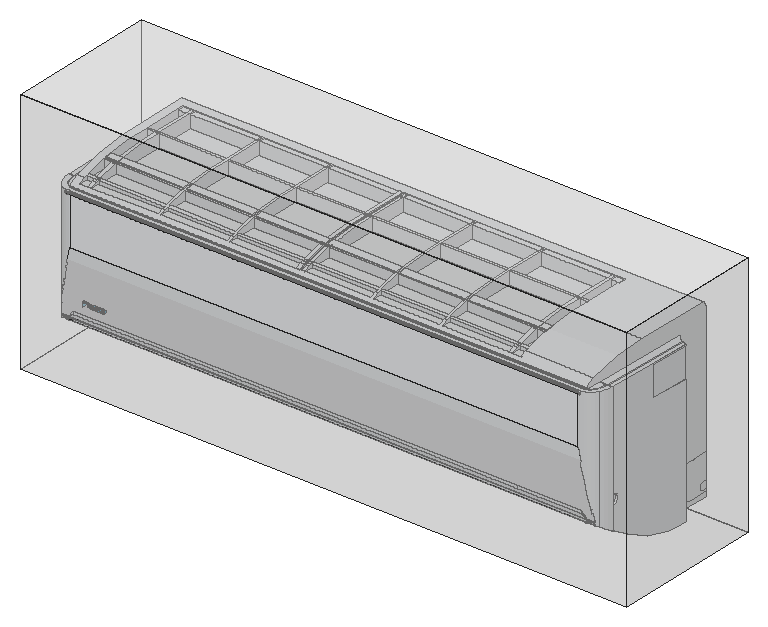
Revit family "outputfile", category 機械設備, Revit 2024
Family settings
  丸型コネクタ寸法 = 半径を使用
  パーツ タイプ = 標準
  OmniClass 番号 = 23.75.10.24.21.27.27
  OmniClass タイトル = Split System Air Conditioning Units
  作業面ベース = いいえ
  常に垂直 = はい
  ロード時にボイドで切り取り = いいえ
  注釈の向きを維持 = いいえ
  共有 = いいえ
  部屋計算ポイント = いいえ
Parameters (values of type "FXAQ63ARVM")
  書き出し IFC クラス(タイプ) = "IfcUnitaryEquipmentType"
  定義済み IFC タイプ(タイプ) = "AIRCONDITIONINGUNIT"
  switch_frequency = yes
  lh_powersupply = 55.0 mm  # constant formula
  製造元 = "Daikin"
  モデル = "FXAQ63ARVM"
  lh_drainpipe = 35.0 mm  # constant formula
  lh_liquidpipe = 40.0 mm  # constant formula
  lh_gaspipe = 20.0 mm  # constant formula
  r_Liquid Pipe Size = Liquid Pipe Size / 2  # 4.75 mm
  r_Gas Pipe Size = Gas Pipe Size / 2  # 7.95 mm
  r_Drain Pipe Size = Drain Pipe Size / 2  # 9.0 mm
  lw_powersupply [instance] = if(or(Left Connection_refrigerant, Right Connection_refrigerant), 464.5 mm, if(or(Bottom Left Connection_refrigerant, Rear Left Connection_refrigerant), 843.0 mm, 58.0 mm))  # 464.5 mm
  lw_liquidpipe [instance] = if(or(Left Connection_refrigerant, Right Connection_refrigerant), 490.0 mm, if(or(Bottom Left Connection_refrigerant, Rear Left Connection_refrigerant), 843.0 mm, 58.0 mm))  # 490.0 mm
  lw_gaspipe [instance] = if(or(Left Connection_refrigerant, Right Connection_refrigerant), 440.0 mm, if(or(Bottom Left Connection_refrigerant, Rear Left Connection_refrigerant), 858.0 mm, 73.0 mm))  # 440.0 mm
  lw_drainpipe [instance] = if(or(Left Connection_refrigerant, Right Connection_refrigerant), 570.0 mm, if(or(Bottom Left Connection_refrigerant, Rear Left Connection_refrigerant), 873.0 mm, 88.0 mm))  # 570.0 mm
  l_powersupply_length [instance] = if(Right Connection_refrigerant, 442.2 mm, if(Left Connection_refrigerant, 442.2 mm, if(or(Rear Left Connection_refrigerant, Rear Right Connection_refrigerant), 15.0 mm, 55.0 mm)))  # 442.2 mm
  l_liquidpipe_length [instance] = if(Left Connection_refrigerant, 416.4 mm, if(Right Connection_refrigerant, 467.4 mm, if(or(Bottom Left Connection_refrigerant, Bottom Right Connection_refrigerant), 40.0 mm, 35.0 mm)))  # 467.4 mm
  l_gaspipe_length [instance] = if(Left Connection_refrigerant, 466.4 mm, if(Right Connection_refrigerant, 417.4 mm, if(or(Bottom Left Connection_refrigerant, Bottom Right Connection_refrigerant), 20.0 mm, 35.0 mm)))  # 417.4 mm
  l_drainpipe_length [instance] = if(Left Connection_refrigerant, 336.7 mm, if(Right Connection_refrigerant, 547.7 mm, if(or(Bottom Left Connection_refrigerant, Bottom Right Connection_refrigerant), 30.0 mm, 15.0 mm)))  # 547.7 mm
  h*** = 0.0 mm  # constant formula
  connector_voltage = Voltage_50Hz  # 220 V
  connector_powerinput = if([Power Input (Cooling)] > [Power Input (Heating)], [Power Input (Cooling)], [Power Input (Heating)])  # 0.065 kW
  connector_phase = Phase_50Hz  # 1
  angle_vertical [instance] = if(or(Bottom Left Connection_refrigerant, Bottom Right Connection_refrigerant), 0.00°, 90.00°)  # 90.00°
  angle_horizontal [instance] = if(Right Connection_refrigerant, 90.00°, if(Left Connection_refrigerant, -90.00°, if(or(Rear Left Connection_refrigerant, Rear Right Connection_refrigerant), 180.00°, 0.00°)))  # 90.00°
  Width = 929.0 mm
  Voltage_comment_60Hz = "220-240"
  Voltage_comment_50Hz = "220-240"
  Voltage_60Hz = 220 V
  Voltage_50Hz = 220 V
  Version = "ver.1.0"
  Unit Type = "Wall Mounted"
  Unit Mass Weight = 13.00 kg
  Unit Designation [instance] = ""
  Uniclass2015Version = "Products v1.30"
  Uniclass2015Title = "Variable refrigerant flow units"
  Uniclass2015Code = "Pr_70_65_03_94"
  Total Heating Capacity [instance] = 0.000 kW
  Total Cooling Capacity [instance] = 0.000 kW
  Sound Pressure Level_L speed (dBA) = 41
  Sound Pressure Level_H speed (dBA) = 47
  Sound Power Level_H speed (dB) = 0
  Series = "VRV Fan Coil Unit"
  Sensible Cooling Capacity [instance] = 0.000 kW
  Refrigerant Type = "R410A"
  Power Input (Heating) = 0.065 kW
  Power Input (Cooling) = 0.056 kW
  Phase_60Hz = 1
  Phase_50Hz = 1
  Option Accessory 3 [instance] = ""
  Option Accessory 2 [instance] = ""
  Option Accessory 1 [instance] = ""
  Nominal Heating Capacity = 8.000 kW
  Nominal Cooling Capacity = 7.100 kW
  Minimum Circuit Amps_60Hz = 0.7 A
  Minimum Circuit Amps_50Hz = 0.7 A
  Minimum Airflow = 840.00 m³/h
  Maximum Fuse Amps_60Hz = 15.0 A
  Maximum Fuse Amps_50Hz = 15.0 A
  Maximum Airflow = 1140.00 m³/h
  Material_Casing = DAIKIN_FreshWhite_Casing_indoorunit
  Load Classification = HVAC
  Liquid Pipe Size = 9.5 mm
  Link_Nested Family [instance] = ""
  IfcVersion = ""
  IfcExportType = "AIRCONDITIONINGUNIT"
  IfcExportAs = "IfcUnitaryEquipmentType"
  Height = 298.0 mm
  Heating Entering Wet Bulb Temperature [instance] = 0.00 °C
  Heating Entering Dry Bulb Temperature [instance] = 0.00 °C
  Heating Ambient Wet Bulb Temperature [instance] = 0.00 °C
  Heating Ambient Dry Bulb Temperature [instance] = 0.00 °C
  Heat Exchanger Type = "Cross Fin Coil"
  Gas Pipe Size = 15.9 mm
  Frequency_60Hz = 60 Hz
  Frequency_50Hz = 50 Hz
  Fan Type = "Cross Flow Fan"
  Fan Drive = "Direct Drive"
  FCU Tag No. [instance] = ""
  Drain Pipe Size = 18.0 mm
  Design Supply Airflow [instance] = 0.00 m³/h
  Depth = 258.0 mm
  既定の高さ = 0.0 mm
  Cooling Entering Wet Bulb Temperature [instance] = 0.00 °C
  Cooling Entering Dry Bulb Temperature [instance] = 0.00 °C
  Cooling Ambient Wet Bulb Temperature [instance] = 0.00 °C
  Cooling Ambient Dry Bulb Temperature [instance] = 0.00 °C
  Clearance visibility [instance] = yes
  Clearance Top = 90.0 mm
  Clearance Right = 50.0 mm
  Clearance Rear = 0.0 mm
  Clearance Left = 50.0 mm
  Clearance Front = 0.0 mm
  Clearance Bottom = 30.0 mm
  Bottom Right Connection_refrigerant [instance] = no
  Bottom Left Connection_refrigerant [instance] = no
  Rear Right Connection_refrigerant [instance] = no
  Rear Left Connection_refrigerant [instance] = no
  Right Connection_refrigerant [instance] = yes
  Left Connection_refrigerant [instance] = no
Reference planes
  plane 1 "Back": y = 0
  plane 2: z = 0
  plane 3 "Center (Left/Right)": x = 0
  plane 4 "Center (Front/Back)": y = -119
  plane 5: y = -238
  plane 6 "Left": x = -464.5
  plane 7 "Right": x = 464.5
  plane 8 "Top": z = 0
  plane 9: x = -514.5
  plane 10: x = 514.5
  plane 11: z = 90
  plane 12 "ld_drainpipe": y = -15
  plane 13: z = -284.5
  plane 14: z = -269.5
  plane 15: z = -251
  plane 16 "Clearance Bottom": z = -328
  plane 17: x = -105.5
  plane 18: x = -25.5
  plane 19: x = 24.5
  plane 20: x = 0
  plane 21 "Height": z = -298
  plane 22 "Front": y = -258
  plane 23: y = -35
  plane 24: y = -258
  plane 25: y = 0
Dimensions and locks
  equal spacing: plane 6 "Left", plane 3 "Center (Left/Right)", plane 7 "Right"
  "Width": plane 6 "Left" to plane 7 "Right"
  locked: plane 12 "ld_drainpipe" to plane 1 "Back" at 15
  "Clearance Left": plane 9 to plane 6 "Left"
  "Clearance Right": plane 7 "Right" to plane 10
  "Height": plane 8 "Top" to plane 21 "Height"
  "Depth": plane 22 "Front" to plane 1 "Back"
  locked: plane 23 to plane 1 "Back" at 35
  "lw_powersupply": plane 20 to plane 7 "Right"
  "lw_liquidpipe": plane 18 to plane 7 "Right"
  "lw_drainpipe": plane 17 to plane 7 "Right"
  "lw_gaspipe": plane 19 to plane 7 "Right"
  "Clearance Front": plane 22 "Front" to plane 24
  "Clearance Rear": plane 25 to plane 1 "Back"
  "Clearance Bottom": plane 21 "Height" to plane 16 "Clearance Bottom"
  "Clearance Top": plane 11 to plane 8 "Top"
  aligned and locked: level to plane 2
  aligned and locked: plane 9 to nested 1
  aligned and locked: plane 10 to nested 1
  aligned and locked: plane 11 to nested 1
  aligned and locked: nested 5 to plane 12 "ld_drainpipe"
  aligned and locked: level to plane 8 "Top"
  aligned and locked: plane 16 "Clearance Bottom" to nested 1
  aligned and locked: plane 17 to nested 4
  aligned and locked: plane 18 to nested 3
  aligned and locked: plane 19 to nested 2
  aligned and locked: plane 20 to nested 5
  aligned and locked: nested 2 to plane 23
  aligned and locked: nested 4 to plane 12 "ld_drainpipe"
  aligned and locked: nested 3 to plane 23
  aligned and locked: plane 24 to nested 1
  aligned and locked: nested 1 to plane 25
  aligned and locked: plane 1 "Back" to nested 6
  aligned and locked: plane 3 "Center (Left/Right)" to nested 6
Nested families
  nested 1: "daikin_clearancespace" at (0, -129, -118.881), show <- "Clearance visibility", visible <- "Clearance visibility", Link_Nested Family <- "Link_Nested Family", type "daikin_clearancespace"
    with width 1029.0 mm, show yes, height 418.0 mm, depth 258.0 mm, Link_Nested Family ""
  nested 2: "daikin_connector_rotate3" at (24.5, -35, -278), angle_vertical <- "angle_vertical", angle_horizontal <- "angle_horizontal", length <- "l_gaspipe_length", radius <- "r_Gas Pipe Size", built-in parameter 1001364 <- "lh_gaspipe", type "daikin_connector_rotate3"
    with show no, radius 7.95 mm, length 417.4 mm, angle_vertical 90.00°, angle_horizontal 90.00°
  nested 3: "daikin_connector_rotate3" at (-25.5, -35, -258), angle_vertical <- "angle_vertical", angle_horizontal <- "angle_horizontal", radius <- "r_Liquid Pipe Size", length <- "l_liquidpipe_length", built-in parameter 1001364 <- "lh_liquidpipe", type "daikin_connector_rotate3"
    with show no, radius 4.75 mm, length 467.4 mm, angle_vertical 90.00°, angle_horizontal 90.00°
  nested 4: "daikin_connector_rotate3" at (-105.5, -15, -263), angle_vertical <- "angle_vertical", angle_horizontal <- "angle_horizontal", length <- "l_drainpipe_length", radius <- "r_Drain Pipe Size", built-in parameter 1001364 <- "lh_drainpipe", type "daikin_connector_rotate3"
    with show no, radius 9.0 mm, length 547.7 mm, angle_vertical 90.00°, angle_horizontal 90.00°
  nested 5: "daikin_connector_rotate3" at (0, -15, -243), angle_vertical <- "angle_vertical", angle_horizontal <- "angle_horizontal", length <- "l_powersupply_length", built-in parameter 1001364 <- "lh_powersupply", type "daikin_connector_rotate3"
    with show no, radius 10.0 mm, length 442.2 mm, angle_vertical 90.00°, angle_horizontal 90.00°
  nested 6: "FXAQ-ARVM" at (0, 0, 0), type "FXAQ-ARVM"
Connectors
  electrical at (442.2, -15, -243), driven by "Load Classification", driven by "connector_voltage", driven by "connector_powerinput", driven by "connector_phase"
    settings: on nested 5, index 1, voltage 220 V, apparent load 65 VA, apparent load phase1 0 VA, apparent load phase2 0 VA, apparent load phase3 0 VA, power factor 1, load classification "HVAC", number of poles 1, system type 30, power factor state 1, is connector primary yes, connector utility no, sub classification motor no, connector description "Power Supply"
  piping at (442.2, -15, -263), diameter 18, driven by "r_Drain Pipe Size"
    settings: on nested 4, index 2, connector inside diameter 609.6 mm, connector length 0.0 mm, flow factor 0, pipe flow 0.00 m³/h, pressure drop 0.0 Pa, fitting loss kfactor 0, connector angle 0.00°, fixture units 0, engagement length 0.0 mm, angle of deflection 0.00°, flow configuration 1, flow direction 2, fitting loss method 4, system type 16, joint type 0, gender type 0, connector reference index -1, connector utility 0, adjustable connector no, is connector primary yes, connector description "Condensate Drain Piping"
  piping at (441.9, -35, -278), diameter 15.9, driven by "r_Gas Pipe Size"
    settings: on nested 2, index 3, connector inside diameter 609.6 mm, connector length 0.0 mm, flow factor 0, pipe flow 0.00 m³/h, pressure drop 0.0 Pa, fitting loss kfactor 0, connector angle 0.00°, fixture units 0, engagement length 0.0 mm, angle of deflection 0.00°, flow configuration 1, flow direction 2, fitting loss method 0, system type 29, joint type 0, gender type 0, connector reference index -1, connector utility 0, adjustable connector no, is connector primary no, connector description "Refrigerant Gas Piping"
  piping at (441.9, -35, -258), diameter 9.5, driven by "r_Liquid Pipe Size"
    settings: on nested 3, index 4, connector inside diameter 609.6 mm, connector length 0.0 mm, flow factor 0, pipe flow 0.00 m³/h, pressure drop 0.0 Pa, fitting loss kfactor 0, connector angle 0.00°, fixture units 0, engagement length 0.0 mm, angle of deflection 0.00°, flow configuration 1, flow direction 1, fitting loss method 0, system type 29, joint type 0, gender type 0, connector reference index -1, connector utility 0, adjustable connector no, is connector primary no, connector description "Refrigerant Liquid Piping"
Definition of nested family "daikin_clearancespace"
  Parameters (values of type "daikin_clearancespace")
    Description = "daikin_clearancespace"
    width [instance] = 1823.963 mm
    show [instance] = yes
    material = none
    height [instance] = 1359.762 mm
    depth [instance] = 880.0 mm
    Default Elevation = 0.0 mm
    Link_Nested Family [instance] = ""
  Reference planes
    plane 1 "Center (Front/Back)": y = 0
    plane 2 "Center (Elevation)": z = -0.119
    plane 3 "Center (Left/Right)": x = 0
    plane 4: y = 440
    plane 5: y = -440
    plane 6 "Right": x = 911.982
    plane 7 "Left": x = -911.982
    plane 8 "Top": z = 679.762
    plane 9 "Bottom": z = -680
  Forms (mm)
    Extrusion 1, solid, material <- "material", visible <- "show"
      sketch origin (0, 0, 0) x (1, 0, 0) y (0, 1, 0)
        loop
          line (-911.982, 440) -> (-911.982, -440) -> (911.982, -440) -> (911.982, 440) -> (-911.982, 440)
      from -680 to 679.762
  Lines and regions (mm)
    symbolic lines, visible <- "show"
      curve 1: line (911.982, 440, 0) -> (-911.982, 440, 0)
      curve 2: line (-911.982, 440, 0) -> (-911.982, -440, 0)
      curve 3: line (-911.982, -440, 0) -> (911.982, -440, 0)
      curve 4: line (911.982, -440, 0) -> (911.982, 440, 0)
      curve 5: line (911.982, 0, 679.762) -> (-911.982, 0, 679.762)
      curve 6: line (911.982, 0, -680) -> (911.982, 0, 679.762)
      curve 7: line (-911.982, 0, -680) -> (911.982, 0, -680)
      curve 8: line (-911.982, 0, 679.762) -> (-911.982, 0, -680)
      curve 9: line (0, 440, 679.762) -> (0, -440, 679.762)
      curve 10: line (0, -440, 679.762) -> (0, -440, -680)
      curve 11: line (0, 440, -680) -> (0, 440, 679.762)
      curve 12: line (0, -440, -680) -> (0, 440, -680)
  Dimensions and locks
    "width": plane 7 "Left" to plane 6 "Right"
    "depth": plane 4 to plane 5
    "height": plane 8 "Top" to plane 9 "Bottom"
    equal spacing: plane 7 "Left", plane 3 "Center (Left/Right)", plane 6 "Right"
    equal spacing: plane 4, plane 1 "Center (Front/Back)", plane 5
    equal spacing: plane 8 "Top", plane 2 "Center (Elevation)", plane 9 "Bottom"
    aligned and locked: level to plane 2 "Center (Elevation)"
    aligned and locked: Extrusion 1 sketch curve to plane 4
    aligned and locked: plane 7 "Left" to Extrusion 1 sketch curve
    aligned and locked: Extrusion 1 sketch curve to plane 5
    aligned and locked: Extrusion 1 sketch curve to plane 6 "Right"
    aligned and locked: plane 8 "Top" to Extrusion 1
    aligned and locked: curve 1 to Extrusion 1
    aligned and locked: curve 2 to Extrusion 1
    aligned and locked: curve 3 to Extrusion 1
    aligned and locked: curve 4 to Extrusion 1
    aligned and locked: curve 5 to Extrusion 1
    aligned and locked: curve 6 to Extrusion 1
    aligned and locked: curve 7 to Extrusion 1
    aligned and locked: curve 8 to Extrusion 1
    aligned and locked: curve 9 to Extrusion 1
    aligned and locked: curve 10 to Extrusion 1
    aligned and locked: curve 11 to Extrusion 1
    aligned and locked: curve 12 to Extrusion 1
    aligned and locked: Extrusion 1 to plane 9 "Bottom"
Definition of nested family "FXAQ-ARVM"
  Parameters (values of type "FXAQ-ARVM")
    Width = 929.0 mm
    Material_Casing = none
    Default Elevation = 0.0 mm
  Reference planes
    plane 1 "Center (Front/Back)": y = 0
    plane 2 "reference_level": z = 0
    plane 3 "Center (Left/Right)": x = 0
  Forms (mm)
    Extrusion 1, solid, material <- "Material_Casing"
      sketch origin (37.5, 0, 0) x (1, 0, 0) y (0, 0, 1)
        loop
          circle (357, -249) r 40
        loop
          circle (-428, -250) r 40
      from 0 to 5
    Extrusion 2, solid, material <- "Material_Casing"
      sketch origin (-525, 1296.25, 1200) x (0, 1, 0) y (0, 0, 1)
        loop
          line (-1542.822, -1430.612) -> (-1517.25, -1446.105) -> (-1517.25, -1228.309)
          arc (-1517.25, -1228.309) -> (-1517.546, -1227.599) -> (-1518.259, -1227.309) r 1
          line (-1518.259, -1227.309) -> (-1553.177, -1227.614)
          arc (-1553.177, -1227.614) -> (-1553.593, -1227.787) -> (-1553.771, -1228.201) r 0.6
          line (-1553.771, -1228.201) -> (-1553.814, -1230.3) -> (-1552.816, -1230.309) -> (-1552.852, -1232.291) -> (-1554.25, -1232.303) -> (-1554.25, -1313.777)
          arc (-1554.25, -1313.777) -> (-1551.733, -1369.498) -> (-1544.203, -1424.766) r 618.013
          line (-1544.203, -1424.766) -> (-1543.119, -1425.138) -> (-1542.798, -1426.992) -> (-1543.814, -1426.992) -> (-1543.288, -1429.932)
          arc (-1543.288, -1429.932) -> (-1543.128, -1430.322) -> (-1542.822, -1430.612) r 1
      from 60.5 to 989.5
    Extrusion 3, void
      sketch origin (-525, 1296.25, 1200) x (0, 1, 0) y (0, 0, 1)
        loop
          arc (-1489.957, -1468.485) -> (-1468.343, -1480.342) -> (-1445.644, -1489.96) r 244.307
          arc (-1445.644, -1489.96) -> (-1423.667, -1496.837) -> (-1401.141, -1501.621) r 244.995
          arc (-1401.141, -1501.621) -> (-1397.468, -1502.156) -> (-1393.777, -1502.56) r 104.996
          line (-1393.777, -1502.56) -> (-1391.536, -1481.238)
          arc (-1391.536, -1481.238) -> (-1392.885, -1481.047) -> (-1394.231, -1480.837) r 94.996
          arc (-1394.231, -1480.837) -> (-1415.837, -1476.248) -> (-1436.917, -1469.651) r 234.995
          arc (-1436.917, -1469.651) -> (-1458.423, -1460.555) -> (-1478.917, -1449.363) r 234.307
          line (-1478.917, -1449.363) -> (-1489.957, -1468.485)
      from 129 to 821
    Extrusion 4, void
      sketch origin (-610.615, -1524, -240) x (-1, 0, 0) y (0, -1, 0)
        loop
          line (-317.415, -1501.5) -> (-184.115, -1501.5) -> (-184.115, -1427.5) -> (-317.415, -1427.5) -> (-317.415, -1501.5)
        loop
          line (-434.415, -1501.5) -> (-321.415, -1501.5) -> (-321.415, -1427.5) -> (-434.415, -1427.5) -> (-434.415, -1501.5)
        loop
          line (-557.415, -1501.5) -> (-438.415, -1501.5) -> (-438.415, -1427.5) -> (-557.415, -1427.5) -> (-557.415, -1501.5)
        loop
          line (-678.815, -1501.5) -> (-559.815, -1501.5) -> (-559.815, -1427.5) -> (-678.815, -1427.5) -> (-678.815, -1501.5)
        loop
          line (-795.815, -1501.5) -> (-682.815, -1501.5) -> (-682.815, -1427.5) -> (-795.815, -1427.5) -> (-795.815, -1501.5)
        loop
          line (-933.115, -1501.5) -> (-799.815, -1501.5) -> (-799.815, -1427.5) -> (-933.115, -1427.5) -> (-933.115, -1501.5)
        loop
          line (-317.415, -1423.5) -> (-184.115, -1423.5) -> (-184.115, -1336.5) -> (-317.415, -1336.5) -> (-317.415, -1423.5)
        loop
          line (-434.415, -1423.5) -> (-321.415, -1423.5) -> (-321.415, -1336.5) -> (-434.415, -1336.5) -> (-434.415, -1423.5)
        loop
          line (-557.415, -1423.5) -> (-438.415, -1423.5) -> (-438.415, -1336.5) -> (-557.415, -1336.5) -> (-557.415, -1423.5)
        loop
          line (-678.815, -1423.5) -> (-559.815, -1423.5) -> (-559.815, -1336.5) -> (-678.815, -1336.5) -> (-678.815, -1423.5)
        loop
          line (-795.815, -1423.5) -> (-682.815, -1423.5) -> (-682.815, -1336.5) -> (-795.815, -1336.5) -> (-795.815, -1423.5)
        loop
          line (-933.115, -1423.5) -> (-799.815, -1423.5) -> (-799.815, -1336.5) -> (-933.115, -1336.5) -> (-933.115, -1423.5)
        loop
          line (-317.415, -1332.5) -> (-184.115, -1332.5) -> (-184.115, -1300.5) -> (-317.415, -1300.5) -> (-317.415, -1332.5)
        loop
          line (-434.415, -1332.5) -> (-321.415, -1332.5) -> (-321.415, -1300.5) -> (-434.415, -1300.5) -> (-434.415, -1332.5)
        loop
          line (-557.415, -1332.5) -> (-438.415, -1332.5) -> (-438.415, -1300.5) -> (-557.415, -1300.5) -> (-557.415, -1332.5)
        loop
          line (-678.815, -1332.5) -> (-559.815, -1332.5) -> (-559.815, -1300.5) -> (-678.815, -1300.5) -> (-678.815, -1332.5)
        loop
          line (-795.815, -1332.5) -> (-682.815, -1332.5) -> (-682.815, -1300.5) -> (-795.815, -1300.5) -> (-795.815, -1332.5)
        loop
          line (-933.115, -1332.5) -> (-799.815, -1332.5) -> (-799.815, -1300.5) -> (-933.115, -1300.5) -> (-933.115, -1332.5)
        loop
          line (-317.415, -1296.5) -> (-184.115, -1296.5) -> (-184.115, -1273.985) -> (-317.415, -1273.985) -> (-317.415, -1296.5)
        loop
          line (-434.415, -1296.5) -> (-321.415, -1296.5) -> (-321.415, -1273.985) -> (-434.415, -1273.985) -> (-434.415, -1296.5)
        loop
          line (-557.415, -1296.5) -> (-438.415, -1296.5) -> (-438.415, -1273.985) -> (-557.415, -1273.985) -> (-557.415, -1296.5)
        loop
          line (-678.815, -1296.5) -> (-559.815, -1296.5) -> (-559.815, -1273.985) -> (-678.815, -1273.985) -> (-678.815, -1296.5)
        loop
          line (-795.815, -1296.5) -> (-682.815, -1296.5) -> (-682.815, -1273.985) -> (-795.815, -1273.985) -> (-795.815, -1296.5)
        loop
          line (-933.115, -1296.5) -> (-799.815, -1296.5) -> (-799.815, -1273.985) -> (-933.115, -1273.985) -> (-933.115, -1296.5)
      from 218.718 to 250
    Extrusion 5, solid, material <- "Material_Casing"
      sketch origin (31, 0, 0) x (0, 1, 0) y (0, 0, 1)
        loop
          arc (-133, 0) -> (-183.089, -4.257) -> (-231.74, -16.907) r 296.792
          arc (-231.74, -16.907) -> (-240.035, -20.716) -> (-247.498, -25.97) r 50
          line (-247.498, -25.97) -> (-247.498, -27.531) -> (-221, -27.3) -> (-221, -28.237) -> (-220, -28.237) -> (-220, -245.585)
          arc (-220, -245.585) -> (-219.743, -246.566) -> (-219.036, -247.295) r 2
          line (-219.036, -247.295) -> (-215.453, -249.466) -> (-189.599, -265.136)
          arc (-189.599, -265.136) -> (-169.128, -276.22) -> (-147.677, -285.263) r 239.307
          arc (-147.677, -285.263) -> (-126.149, -292) -> (-104.083, -296.687) r 239.995
          arc (-104.083, -296.687) -> (-96.033, -297.671) -> (-87.93, -298) r 99.996
          line (-87.93, -298) -> (0, -298) -> (0, -8.5) -> (-5, 0) -> (-133, 0)
      from -495.5 to 433.5
    Extrusion 6, void
      sketch origin (0, 0, 0) x (1, 0, 0) y (0, 1, 0)
        loop
          arc (-464.5, -69.996) -> (-451.865, -64.288) -> (-441.567, -55.003) r 45.003
          line (-441.567, -55.003) -> (-442.5, 0) -> (-464.5, 0) -> (-464.5, -69.996)
        loop
          line (464.5, -69.996) -> (464.5, 0) -> (442.5, 0) -> (441.567, -55.003)
          arc (441.567, -55.003) -> (451.865, -64.288) -> (464.5, -69.996) r 45.003
      from -350.147 to 42.558
    Extrusion 7, solid, material <- "Material_Casing"
      sketch origin (464.482, 1296.064, 1192) x (-0.016958, -0.999856, 0) y (0, 0, 1)
        loop
          line (1326.25, -1422) -> (1296.25, -1422) -> (1296.25, -1465) -> (1302.753, -1465)
          spline (1302.753, -1465) -> (1304.435, -1465.221) -> (1306.003, -1465.871) -> (1307.349, -1466.904) -> (1308.382, -1468.25) -> (1309.031, -1469.818) -> (1309.252, -1471.5) -> (1309.031, -1473.182) -> (1308.382, -1474.75) -> (1307.349, -1476.096) -> (1306.003, -1477.129) -> (1304.435, -1477.779) -> (1302.753, -1478)
          line (1302.753, -1478) -> (1296.25, -1478) -> (1296.25, -1482) -> (1326.25, -1482)
          arc (1326.25, -1482) -> (1340.393, -1476.142) -> (1346.25, -1462) r 20
          line (1346.25, -1462) -> (1346.25, -1442)
          arc (1346.25, -1442) -> (1340.393, -1427.858) -> (1326.25, -1422) r 20
      from 0 to 5
    Extrusion 8, solid, material <- "Material_Casing"
      sketch origin (-464.482, 1296.064, 1192) x (-0.016958, 0.999856, 0) y (0, 0, 1)
        loop
          line (-1296.25, -1422) -> (-1326.25, -1422)
          arc (-1326.25, -1422) -> (-1340.393, -1427.858) -> (-1346.25, -1442) r 20
          line (-1346.25, -1442) -> (-1346.25, -1462)
          arc (-1346.25, -1462) -> (-1340.393, -1476.142) -> (-1326.25, -1482) r 20
          line (-1326.25, -1482) -> (-1296.25, -1482) -> (-1296.25, -1478) -> (-1302.753, -1478)
          spline (-1302.753, -1478) -> (-1304.435, -1477.779) -> (-1306.003, -1477.129) -> (-1307.349, -1476.096) -> (-1308.382, -1474.75) -> (-1309.031, -1473.182) -> (-1309.252, -1471.5) -> (-1309.031, -1469.818) -> (-1308.382, -1468.25) -> (-1307.349, -1466.904) -> (-1306.003, -1465.871) -> (-1304.435, -1465.221) -> (-1302.753, -1465)
          line (-1302.753, -1465) -> (-1296.25, -1465) -> (-1296.25, -1422)
      from 0 to 5
    Extrusion 9, void
      sketch origin (0, 0, 0) x (1, 0, 0) y (0, 1, 0)
        loop
          arc (451.583, -220.532) -> (450.652, -229.688) -> (447.774, -238.43) r 42.574
          arc (447.774, -238.43) -> (440.881, -246.096) -> (430.995, -249.015) r 18.939
          line (430.995, -249.015) -> (322.5, -249.015) -> (-430.995, -249.015)
          arc (-430.995, -249.015) -> (-440.881, -246.096) -> (-447.774, -238.43) r 18.939
          arc (-447.774, -238.43) -> (-450.652, -229.688) -> (-451.583, -220.532) r 42.574
          line (-451.583, -220.532) -> (-455.638, -65.672)
          arc (-455.638, -65.672) -> (-456.13, -65.926) -> (-456.626, -66.174) r 45.003
          line (-456.626, -66.174) -> (-452.526, -222.254)
          arc (-452.526, -222.254) -> (-451.441, -230.753) -> (-448.676, -238.863) r 42.58
          arc (-448.676, -238.863) -> (-441.392, -246.902) -> (-431, -250.015) r 20.209
          line (-431, -250.015) -> (431, -250.015)
          arc (431, -250.015) -> (441.392, -246.902) -> (448.676, -238.863) r 20.209
          arc (448.676, -238.863) -> (451.441, -230.753) -> (452.539, -222.254) r 42.58
          line (452.539, -222.254) -> (456.626, -66.151)
          arc (456.626, -66.151) -> (456.131, -65.903) -> (455.639, -65.649) r 45.003
          line (455.639, -65.649) -> (451.583, -220.532)
      from -514.227 to 32.749
    Extrusion 10, void
      sketch origin (0, 0, 0) x (1, 0, 0) y (0, 1, 0)
        loop
          arc (-430.764, -258.014) -> (-445.174, -254.026) -> (-455.485, -243.197) r 28.031
          arc (-455.485, -243.197) -> (-459.127, -232.113) -> (-460.561, -220.535) r 60.175
          line (-460.561, -220.535) -> (-464.5, -69.996) -> (-499.5, -69.996) -> (-499.5, -354.996) -> (499.5, -354.996) -> (499.5, -69.996) -> (464.5, -69.996) -> (460.598, -220.541)
          arc (460.598, -220.541) -> (459.601, -231.543) -> (456.08, -242.014) r 47.329
          arc (456.08, -242.014) -> (445.774, -253.677) -> (430.826, -258.014) r 27.93
          line (430.826, -258.014) -> (-430.764, -258.014)
      from -1033.399 to 0
    Extrusion 11, void
      sketch origin (0, 0, 0) x (1, 0, 0) y (0, 1, 0)
        loop
          arc (-455.485, -243.197) -> (-459.291, -232.263) -> (-460.562, -220.754) r 51.556
          line (-460.562, -220.754) -> (-492.49, -141.73) -> (-492.49, -316.73) -> (492.49, -316.73) -> (492.49, -141.73) -> (460.599, -220.663)
          arc (460.599, -220.663) -> (459.482, -231.58) -> (456.08, -242.014) r 51.576
          arc (456.08, -242.014) -> (445.844, -253.621) -> (431, -258) r 27.939
          line (431, -258) -> (-431, -258)
          arc (-431, -258) -> (-445.281, -253.971) -> (-455.485, -243.197) r 27.939
      from -354.312 to 0
    Extrusion 12, void
      sketch origin (0, 0, 0) x (1, 0, 0) y (0, 1, 0)
        loop
          line (435.004, -431) -> (510.5, -431) -> (510.5, 78.522) -> (443.898, 78.522) -> (435.004, -431)
      from -28.941 to 250
    Extrusion 13, void
      sketch origin (0, 0, 0) x (1, 0, 0) y (0, 1, 0)
        loop
          line (-438.024, -258) -> (-442.527, 0) -> (-469.5, 0) -> (-469.5, -258) -> (-438.024, -258)
      from -27.788 to 250
    Extrusion 14, solid, material <- "Material_Casing"
      sketch origin (31, 0, 0) x (0, 1, 0) y (0, 0, 1)
        loop
          arc (-175.5, -3.059) -> (-181.51, -3.991) -> (-187.5, -5.047) r 296.792
          line (-187.5, -5.047) -> (-187.5, -28.237) -> (-175.5, -28.237) -> (-175.5, -3.059)
        loop
          line (-33.5, 0) -> (-33.5, -28.237) -> (-22.5, -28.237) -> (-22.5, 0) -> (-33.5, 0)
      from -457.5 to -324.2
    Extrusion 15, solid, material <- "Material_Casing"
      sketch origin (384, 0, 0) x (0, 1, 0) y (0, 0, 1)
        loop
          arc (-175.5, -3.059) -> (-181.51, -3.991) -> (-187.5, -5.047) r 296.792
          line (-187.5, -5.047) -> (-187.5, -28.237) -> (-175.5, -28.237) -> (-175.5, -3.059)
        loop
          line (-33.5, 0) -> (-33.5, -28.237) -> (-22.5, -28.237) -> (-22.5, 0) -> (-33.5, 0)
      from -556.2 to -437.2
    Extrusion 16, solid, material <- "Material_Casing"
      sketch origin (392.4, 0, 0) x (0, 1, 0) y (0, 0, 1)
        loop
          arc (-175.5, -3.059) -> (-181.51, -3.991) -> (-187.5, -5.047) r 296.792
          line (-187.5, -5.047) -> (-187.5, -28.237) -> (-175.5, -28.237) -> (-175.5, -3.059)
        loop
          line (-33.5, 0) -> (-33.5, -28.237) -> (-22.5, -28.237) -> (-22.5, 0) -> (-33.5, 0)
      from -443.2 to -324.2
    Extrusion 17, solid, material <- "Material_Casing"
      sketch origin (745.4, 0, 0) x (0, 1, 0) y (0, 0, 1)
        loop
          arc (-175.5, -3.059) -> (-181.51, -3.991) -> (-187.5, -5.047) r 296.792
          line (-187.5, -5.047) -> (-187.5, -28.237) -> (-175.5, -28.237) -> (-175.5, -3.059)
        loop
          line (-33.5, 0) -> (-33.5, -28.237) -> (-22.5, -28.237) -> (-22.5, 0) -> (-33.5, 0)
      from -556.2 to -422.9
    Extrusion 18, solid, material <- "Material_Casing"
      sketch origin (628.4, 0, 0) x (0, 1, 0) y (0, 0, 1)
        loop
          arc (-175.5, -3.059) -> (-181.51, -3.991) -> (-187.5, -5.047) r 296.792
          line (-187.5, -5.047) -> (-187.5, -28.237) -> (-175.5, -28.237) -> (-175.5, -3.059)
        loop
          line (-33.5, 0) -> (-33.5, -28.237) -> (-22.5, -28.237) -> (-22.5, 0) -> (-33.5, 0)
      from -556.2 to -443.2
    Extrusion 19, solid, material <- "Material_Casing"
      sketch origin (267, 0, 0) x (0, 1, 0) y (0, 0, 1)
        loop
          arc (-175.5, -3.059) -> (-181.51, -3.991) -> (-187.5, -5.047) r 296.792
          line (-187.5, -5.047) -> (-187.5, -28.237) -> (-175.5, -28.237) -> (-175.5, -3.059)
        loop
          line (-33.5, 0) -> (-33.5, -28.237) -> (-22.5, -28.237) -> (-22.5, 0) -> (-33.5, 0)
      from -556.2 to -443.2
    Extrusion 20, solid, material <- "Material_Casing"
      sketch origin (31, 0, 0) x (0, 1, 0) y (0, 0, 1)
        loop
          line (-22.5, 0) -> (-96.5, 0) -> (-96.5, -27.3) -> (-22.5, -27.3) -> (-22.5, 0)
        loop
          spline (-133.001, 0) -> (-137.568, -0.035) -> (-142.135, -0.141) -> (-146.699, -0.316) -> (-151.259, -0.562) -> (-155.816, -0.878) -> (-160.367, -1.264) -> (-164.912, -1.721) -> (-169.449, -2.247) -> (-173.977, -2.842) -> (-178.496, -3.508) -> (-183.004, -4.243) -> (-187.5, -5.047)
          line (-187.5, -5.047) -> (-187.5, -27.3) -> (-100.5, -27.3) -> (-100.5, 0) -> (-133.001, 0)
        loop
          line (-223.5, -14.134) -> (-223.5, -27.3) -> (-191.5, -27.3) -> (-191.5, -5.822)
          spline (-191.5, -5.822) -> (-194.2, -6.378) -> (-196.895, -6.959) -> (-199.584, -7.565) -> (-202.267, -8.196) -> (-204.945, -8.852) -> (-207.616, -9.532) -> (-210.281, -10.238) -> (-212.939, -10.968) -> (-215.59, -11.723) -> (-218.234, -12.502) -> (-220.871, -13.306) -> (-223.5, -14.134)
        loop
          spline (-227.5, -15.446) -> (-227.854, -15.565) -> (-228.208, -15.685) -> (-228.562, -15.805) -> (-228.916, -15.926) -> (-229.269, -16.047) -> (-229.623, -16.168) -> (-229.976, -16.29) -> (-230.329, -16.412) -> (-230.682, -16.535) -> (-231.035, -16.658) -> (-231.387, -16.782) -> (-231.74, -16.906)
          arc (-231.74, -16.906) -> (-236.479, -18.856) -> (-240.994, -21.282) r 50
          line (-240.994, -21.282) -> (-227.5, -21.282) -> (-227.5, -15.446)
      from -443.2 to -437.2
    Extrusion 21, solid, material <- "Material_Casing"
      sketch origin (384, 0, 0) x (0, 1, 0) y (0, 0, 1)
        loop
          line (-22.5, 0) -> (-96.5, 0) -> (-96.5, -27.3) -> (-22.5, -27.3) -> (-22.5, 0)
        loop
          spline (-133.001, 0) -> (-137.568, -0.035) -> (-142.135, -0.141) -> (-146.699, -0.316) -> (-151.259, -0.562) -> (-155.816, -0.878) -> (-160.367, -1.264) -> (-164.912, -1.721) -> (-169.449, -2.247) -> (-173.977, -2.842) -> (-178.496, -3.508) -> (-183.004, -4.243) -> (-187.5, -5.047)
          line (-187.5, -5.047) -> (-187.5, -27.3) -> (-100.5, -27.3) -> (-100.5, 0) -> (-133.001, 0)
        loop
          line (-223.5, -14.134) -> (-223.5, -27.3) -> (-191.5, -27.3) -> (-191.5, -5.822)
          spline (-191.5, -5.822) -> (-194.2, -6.378) -> (-196.895, -6.959) -> (-199.584, -7.565) -> (-202.267, -8.196) -> (-204.945, -8.852) -> (-207.616, -9.532) -> (-210.281, -10.238) -> (-212.939, -10.968) -> (-215.59, -11.723) -> (-218.234, -12.502) -> (-220.871, -13.306) -> (-223.5, -14.134)
        loop
          spline (-227.5, -15.446) -> (-227.854, -15.565) -> (-228.208, -15.685) -> (-228.562, -15.805) -> (-228.916, -15.926) -> (-229.269, -16.047) -> (-229.623, -16.168) -> (-229.976, -16.29) -> (-230.329, -16.412) -> (-230.682, -16.535) -> (-231.035, -16.658) -> (-231.387, -16.782) -> (-231.74, -16.906)
          arc (-231.74, -16.906) -> (-236.479, -18.856) -> (-240.994, -21.282) r 50
          line (-240.994, -21.282) -> (-227.5, -21.282) -> (-227.5, -15.446)
      from -443.2 to -437.2
    Extrusion 22, solid, material <- "Material_Casing"
      sketch origin (392.4, 0, 0) x (0, 1, 0) y (0, 0, 1)
        loop
          line (-22.5, 0) -> (-96.5, 0) -> (-96.5, -27.3) -> (-22.5, -27.3) -> (-22.5, 0)
        loop
          spline (-133.001, 0) -> (-137.568, -0.035) -> (-142.135, -0.141) -> (-146.699, -0.316) -> (-151.259, -0.562) -> (-155.816, -0.878) -> (-160.367, -1.264) -> (-164.912, -1.721) -> (-169.449, -2.247) -> (-173.977, -2.842) -> (-178.496, -3.508) -> (-183.004, -4.243) -> (-187.5, -5.047)
          line (-187.5, -5.047) -> (-187.5, -27.3) -> (-100.5, -27.3) -> (-100.5, 0) -> (-133.001, 0)
        loop
          line (-223.5, -14.134) -> (-223.5, -27.3) -> (-191.5, -27.3) -> (-191.5, -5.822)
          spline (-191.5, -5.822) -> (-194.2, -6.378) -> (-196.895, -6.959) -> (-199.584, -7.565) -> (-202.267, -8.196) -> (-204.945, -8.852) -> (-207.616, -9.532) -> (-210.281, -10.238) -> (-212.939, -10.968) -> (-215.59, -11.723) -> (-218.234, -12.502) -> (-220.871, -13.306) -> (-223.5, -14.134)
        loop
          spline (-227.5, -15.446) -> (-227.854, -15.565) -> (-228.208, -15.685) -> (-228.562, -15.805) -> (-228.916, -15.926) -> (-229.269, -16.047) -> (-229.623, -16.168) -> (-229.976, -16.29) -> (-230.329, -16.412) -> (-230.682, -16.535) -> (-231.035, -16.658) -> (-231.387, -16.782) -> (-231.74, -16.906)
          arc (-231.74, -16.906) -> (-236.479, -18.856) -> (-240.994, -21.282) r 50
          line (-240.994, -21.282) -> (-227.5, -21.282) -> (-227.5, -15.446)
      from -443.2 to -437.2
    Extrusion 23, solid, material <- "Material_Casing"
      sketch origin (745.4, 0, 0) x (0, 1, 0) y (0, 0, 1)
        loop
          line (-22.5, 0) -> (-96.5, 0) -> (-96.5, -27.3) -> (-22.5, -27.3) -> (-22.5, 0)
        loop
          spline (-133.001, 0) -> (-137.568, -0.035) -> (-142.135, -0.141) -> (-146.699, -0.316) -> (-151.259, -0.562) -> (-155.816, -0.878) -> (-160.367, -1.264) -> (-164.912, -1.721) -> (-169.449, -2.247) -> (-173.977, -2.842) -> (-178.496, -3.508) -> (-183.004, -4.243) -> (-187.5, -5.047)
          line (-187.5, -5.047) -> (-187.5, -27.3) -> (-100.5, -27.3) -> (-100.5, 0) -> (-133.001, 0)
        loop
          line (-223.5, -14.134) -> (-223.5, -27.3) -> (-191.5, -27.3) -> (-191.5, -5.822)
          spline (-191.5, -5.822) -> (-194.2, -6.378) -> (-196.895, -6.959) -> (-199.584, -7.565) -> (-202.267, -8.196) -> (-204.945, -8.852) -> (-207.616, -9.532) -> (-210.281, -10.238) -> (-212.939, -10.968) -> (-215.59, -11.723) -> (-218.234, -12.502) -> (-220.871, -13.306) -> (-223.5, -14.134)
        loop
          spline (-227.5, -15.446) -> (-227.854, -15.565) -> (-228.208, -15.685) -> (-228.562, -15.805) -> (-228.916, -15.926) -> (-229.269, -16.047) -> (-229.623, -16.168) -> (-229.976, -16.29) -> (-230.329, -16.412) -> (-230.682, -16.535) -> (-231.035, -16.658) -> (-231.387, -16.782) -> (-231.74, -16.906)
          arc (-231.74, -16.906) -> (-236.479, -18.856) -> (-240.994, -21.282) r 50
          line (-240.994, -21.282) -> (-227.5, -21.282) -> (-227.5, -15.446)
      from -443.2 to -437.2
    Extrusion 24, solid, material <- "Material_Casing"
      sketch origin (-525, 1301.456, 1185.983) x (0, 1, 0) y (0, 0, 1)
        loop
          line (-1490.365, -1448.375) -> (-1491.955, -1450.92)
          arc (-1491.955, -1450.92) -> (-1471.02, -1462.298) -> (-1449.069, -1471.566) r 242.307
          arc (-1449.069, -1471.566) -> (-1427.272, -1478.388) -> (-1404.93, -1483.133) r 242.995
          arc (-1404.93, -1483.133) -> (-1402.218, -1483.539) -> (-1399.497, -1483.874) r 102.996
          line (-1399.497, -1483.874) -> (-1399.183, -1480.89)
          arc (-1399.183, -1480.89) -> (-1401.819, -1480.566) -> (-1404.446, -1480.172) r 99.996
          arc (-1404.446, -1480.172) -> (-1426.511, -1475.486) -> (-1448.04, -1468.748) r 239.995
          arc (-1448.04, -1468.748) -> (-1469.704, -1459.603) -> (-1490.365, -1448.375) r 239.307
      from 135 to 817
    Extrusion 25, solid, material <- "Material_Casing"
      sketch origin (-525, 1301.456, 1185.983) x (0, 1, 0) y (0, 0, 1)
        loop
          line (-1490.365, -1448.375) -> (-1491.955, -1450.92)
          arc (-1491.955, -1450.92) -> (-1471.02, -1462.298) -> (-1449.069, -1471.566) r 242.307
          arc (-1449.069, -1471.566) -> (-1427.272, -1478.388) -> (-1404.93, -1483.133) r 242.995
          arc (-1404.93, -1483.133) -> (-1402.218, -1483.539) -> (-1399.497, -1483.874) r 102.996
          line (-1399.497, -1483.874) -> (-1399.183, -1480.89)
          arc (-1399.183, -1480.89) -> (-1401.819, -1480.566) -> (-1404.446, -1480.172) r 99.996
          arc (-1404.446, -1480.172) -> (-1426.511, -1475.486) -> (-1448.04, -1468.748) r 239.995
          arc (-1448.04, -1468.748) -> (-1469.704, -1459.603) -> (-1490.365, -1448.375) r 239.307
      from 129 to 133
    Extrusion 26, solid, material <- "Material_Casing"
      sketch origin (163, 1301.456, 1185.983) x (0, 1, 0) y (0, 0, 1)
        loop
          line (-1490.365, -1448.375) -> (-1491.955, -1450.92)
          arc (-1491.955, -1450.92) -> (-1471.02, -1462.298) -> (-1449.069, -1471.566) r 242.307
          arc (-1449.069, -1471.566) -> (-1427.272, -1478.388) -> (-1404.93, -1483.133) r 242.995
          arc (-1404.93, -1483.133) -> (-1402.218, -1483.539) -> (-1399.497, -1483.874) r 102.996
          line (-1399.497, -1483.874) -> (-1399.183, -1480.89)
          arc (-1399.183, -1480.89) -> (-1401.819, -1480.566) -> (-1404.446, -1480.172) r 99.996
          arc (-1404.446, -1480.172) -> (-1426.511, -1475.486) -> (-1448.04, -1468.748) r 239.995
          arc (-1448.04, -1468.748) -> (-1469.704, -1459.603) -> (-1490.365, -1448.375) r 239.307
      from 129 to 133
    Extrusion 27, void
      sketch origin (0, 0, 0) x (1, 0, 0) y (0, 1, 0)
        loop
          line (-442.5, 0) -> (442.5, 0) -> (442.5, 1.095) -> (-442.5, 1.095) -> (-442.5, 0)
      from -298 to 0
    Extrusion 28, void
      sketch origin (31, 0, 0) x (0, 1, 0) y (0, 0, 1)
        loop
          arc (-220, -211.038) -> (-209.824, -200.843) -> (-220, -190.648) r 10.195
          line (-220, -190.648) -> (-220, -211.038)
      from 425 to 433.5
    Extrusion 29, void
      sketch origin (-31, 0, 0) x (0, 1, 0) y (0, 0, -1)
        loop
          line (-220, 211.038) -> (-220, 190.648)
          arc (-220, 190.648) -> (-209.824, 200.843) -> (-220, 211.038) r 10.195
      from 425 to 433.5
    Extrusion 30, void
      sketch origin (31, 0, 0) x (0, 1, 0) y (0, 0, 1)
        loop
          line (-136.859, -29.798) -> (-136.859, -81.374) -> (-67.205, -81.374) -> (-67.205, -29.798) -> (-136.859, -29.798)
      from 431.5 to 433.5
    Extrusion 31, void
      sketch origin (163, 1301.519, 1186.578) x (0, 1, 0) y (0, 0, 1)
        loop
          line (-1399.559, -1484.469) -> (-1399.455, -1483.475)
          arc (-1399.455, -1483.475) -> (-1402.503, -1483.119) -> (-1405.54, -1482.669) r 99.996
          arc (-1405.54, -1482.669) -> (-1427.605, -1477.983) -> (-1449.134, -1471.246) r 239.995
          arc (-1449.134, -1471.246) -> (-1470.858, -1462.071) -> (-1491.573, -1450.803) r 239.307
          line (-1491.573, -1450.803) -> (-1492.103, -1451.651)
          arc (-1492.103, -1451.651) -> (-1471.297, -1462.97) -> (-1449.477, -1472.185) r 240.307
          arc (-1449.477, -1472.185) -> (-1427.859, -1478.95) -> (-1405.701, -1483.656) r 240.995
          arc (-1405.701, -1483.656) -> (-1402.636, -1484.11) -> (-1399.559, -1484.469) r 100.996
      from 134 to 232
    Extrusion 32, solid, material <- "Material_Casing"
      sketch origin (-536.115, -1524, -248) x (-1, 0, 0) y (0, -1, 0)
        loop
          line (-115.615, -1524) -> (-115.615, -1494)
          arc (-115.615, -1494) -> (-121.473, -1479.858) -> (-135.615, -1474) r 20
          line (-135.615, -1474) -> (-155.615, -1474)
          arc (-155.615, -1474) -> (-169.757, -1479.858) -> (-175.615, -1494) r 20
          line (-175.615, -1494) -> (-175.615, -1524) -> (-115.615, -1524)
      from -45 to -50
    Extrusion 33, solid, material <- "Material_Casing"
      sketch origin (-4079.827, 1903.48, -248) x (-1, 0, 0) y (0, -1, 0)
        loop
          line (-4444.327, 1903.48) -> (-4444.327, 1933.48)
          arc (-4444.327, 1933.48) -> (-4450.185, 1947.622) -> (-4464.327, 1953.48) r 20
          line (-4464.327, 1953.48) -> (-4484.327, 1953.48)
          arc (-4484.327, 1953.48) -> (-4498.469, 1947.622) -> (-4504.327, 1933.48) r 20
          line (-4504.327, 1933.48) -> (-4504.327, 1903.48) -> (-4444.327, 1903.48)
      from -50 to -45
  Cuts and joins
    Extrusion 3, Extrusion 4, Extrusion 6, Extrusion 9, Extrusion 10, Extrusion 12, Extrusion 13, Extrusion 28, Extrusion 29, Extrusion 30, Extrusion 31 cuts Extrusion 5
    Extrusion 9, Extrusion 11 cuts Extrusion 2
    Extrusion 27 cuts Extrusion 7
    Extrusion 27 cuts Extrusion 8
  Dimensions and locks
    locked: Extrusion 7 sketch curve to Extrusion 7 sketch curve at 60
    locked: Extrusion 7 sketch curve to Extrusion 7 sketch curve at 50
    locked: Extrusion 1 sketch curve to cut or joined group 1 (Extrusion 3, Extrusion 4, Extrusion 5, Extrusion 6, Extrusion 9, Extrusion 10, Extrusion 12, Extrusion 13, Extrusion 28, Extrusion 29, Extrusion 30, Extrusion 31) at 48
    locked: Extrusion 1 sketch curve to cut or joined group 1 at 74
    locked: Extrusion 1 sketch curve to cut or joined group 1 at 70
    locked: Extrusion 1 sketch curve to cut or joined group 1 at 49
    aligned and locked: level to plane 2 "reference_level"
    aligned and locked: Extrusion 2 to Extrusion 5
    aligned and locked: level to Extrusion 11
    aligned and locked: Extrusion 27 sketch curve to cut or joined group 1
    aligned and locked: level to Extrusion 27
  Automatic sketch dimensions
    Extrusion 2 sketch curve to level = 32.303 mm
    plane 1 "Center (Front/Back)" to Extrusion 2 sketch curve = 258.0 mm
    Extrusion 2 sketch curve to level = 30.3 mm
    Extrusion 2 sketch curve to Extrusion 2 sketch curve = 0.437 mm
    Extrusion 2 sketch curve to level = 28.201 mm
    Extrusion 2 sketch curve to Extrusion 2 sketch curve = 0.042 mm
    Extrusion 2 sketch curve to level = 27.614 mm
    Extrusion 2 sketch curve to Extrusion 2 sketch curve = 0.595 mm
    Extrusion 2 sketch curve to level = 32.291 mm
    Extrusion 2 sketch curve to Extrusion 2 sketch curve = 1.399 mm
    Extrusion 2 sketch curve to level = 30.309 mm
    Extrusion 2 sketch curve to Extrusion 2 sketch curve = 0.997 mm
    Extrusion 2 sketch curve to level = 224.766 mm
    Extrusion 2 sketch curve to Extrusion 2 sketch curve = 10.048 mm
    Extrusion 2 sketch curve to Extrusion 2 sketch curve = 0.389 mm
    Extrusion 2 sketch curve to Extrusion 2 sketch curve = 0.526 mm
    Extrusion 2 sketch curve to Extrusion 2 sketch curve = 1.083 mm
    Extrusion 2 sketch curve to level = 230.612 mm
    Extrusion 2 sketch curve to Extrusion 2 sketch curve = 0.466 mm
    Extrusion 2 sketch curve to Extrusion 2 sketch curve = 1.016 mm
    Extrusion 2 sketch curve to Extrusion 2 sketch curve = 0.984 mm
    Extrusion 2 sketch curve to level = 27.309 mm
    Extrusion 2 sketch curve to Extrusion 2 sketch curve = 0.009 mm
    Extrusion 2 sketch curve to Extrusion 2 sketch curve = 25.571 mm
    Extrusion 2 sketch curve to level = 113.777 mm
    Extrusion 2 sketch curve to Extrusion 2 sketch curve = 15.494 mm
    Extrusion 2 sketch curve to Extrusion 2 sketch curve = 0.373 mm
    plane 1 "Center (Front/Back)" to Extrusion 3 sketch curve = 193.706 mm
    Extrusion 3 sketch curve to Extrusion 3 sketch curve = 11.04 mm
    plane 1 "Center (Front/Back)" to Extrusion 3 sketch curve = 97.527 mm
    Extrusion 3 sketch curve to Extrusion 3 sketch curve = 2.241 mm
    Extrusion 3 sketch curve to Extrusion 3 sketch curve = 7.356 mm
    Extrusion 3 sketch curve to Extrusion 3 sketch curve = 5.295 mm
    plane 1 "Center (Front/Back)" to Extrusion 3 sketch curve = 65.55 mm
    Extrusion 3 sketch curve to Extrusion 3 sketch curve = 0.236 mm  (x2)
    Extrusion 3 sketch curve to Extrusion 3 sketch curve = 5.059 mm
    Extrusion 3 sketch curve to level = 302.56 mm
    Extrusion 3 sketch curve to Extrusion 3 sketch curve = 21.322 mm
    Extrusion 3 sketch curve to Extrusion 3 sketch curve = 12.753 mm
    Extrusion 3 sketch curve to Extrusion 3 sketch curve = 19.122 mm
    Extrusion 3 sketch curve to Extrusion 3 sketch curve = 83.234 mm
    Extrusion 3 sketch curve to Extrusion 3 sketch curve = 10.916 mm
    Extrusion 3 sketch curve to level = 60.49 mm
    Extrusion 3 sketch curve to Extrusion 3 sketch curve = 0.646 mm  (x2)
    Extrusion 3 sketch curve to Extrusion 3 sketch curve = 10.269 mm
    Extrusion 3 sketch curve to Extrusion 3 sketch curve = 0.0 mm  (x2)
    plane 3 "Center (Left/Right)" to Extrusion 4 sketch curve = 322.5 mm
    plane 1 "Center (Front/Back)" to Extrusion 4 sketch curve = 22.5 mm  (x4)
    Extrusion 4 sketch curve to Extrusion 4 sketch curve = 0.0 mm  (x48)
    Extrusion 4 sketch curve to Extrusion 4 sketch curve = 133.3 mm  (x2)
    Extrusion 4 sketch curve to Extrusion 4 sketch curve = 4.0 mm  (x28)
    plane 3 "Center (Left/Right)" to Extrusion 4 sketch curve = 72.2 mm  (x2)
    Extrusion 4 sketch curve to plane 3 "Center (Left/Right)" = 50.8 mm
    Extrusion 4 sketch curve to Extrusion 4 sketch curve = 2.4 mm  (x4)
    Extrusion 4 sketch curve to Extrusion 4 sketch curve = 119.0 mm
    Extrusion 4 sketch curve to Extrusion 4 sketch curve = 113.0 mm
    Extrusion 4 sketch curve to Extrusion 4 sketch curve = 74.0 mm
    Extrusion 4 sketch curve to Extrusion 4 sketch curve = 87.0 mm
    Extrusion 4 sketch curve to Extrusion 4 sketch curve = 32.0 mm
    Extrusion 4 sketch curve to Extrusion 4 sketch curve = 22.515 mm
    Extrusion 5 sketch curve to level = 0.0 mm
    Extrusion 5 sketch curve to plane 1 "Center (Front/Back)" = 0.0 mm
    plane 1 "Center (Front/Back)" to Extrusion 5 sketch curve = 5.0 mm
    plane 1 "Center (Front/Back)" to Extrusion 5 sketch curve = 65.314 mm
    Extrusion 5 sketch curve to Extrusion 5 sketch curve = 0.236 mm
    plane 1 "Center (Front/Back)" to Extrusion 5 sketch curve = 87.93 mm
    Extrusion 5 sketch curve to Extrusion 5 sketch curve = 67.686 mm
    Extrusion 5 sketch curve to level = 64.058 mm
    Extrusion 5 sketch curve to Extrusion 5 sketch curve = 82.106 mm
    Extrusion 5 sketch curve to Extrusion 5 sketch curve = 85.0 mm
    Extrusion 5 sketch curve to Extrusion 5 sketch curve = 1.036 mm
    Extrusion 5 sketch curve to level = 28.237 mm
    Extrusion 5 sketch curve to Extrusion 5 sketch curve = 4.894 mm
    Extrusion 5 sketch curve to Extrusion 5 sketch curve = 0.964 mm
    Extrusion 5 sketch curve to level = 27.3 mm
    Extrusion 5 sketch curve to Extrusion 5 sketch curve = 1.0 mm
    Extrusion 5 sketch curve to level = 27.531 mm
    Extrusion 5 sketch curve to Extrusion 5 sketch curve = 26.498 mm
    Extrusion 5 sketch curve to Extrusion 5 sketch curve = 133.946 mm
    Extrusion 5 sketch curve to Extrusion 5 sketch curve = 47.581 mm
    Extrusion 5 sketch curve to Extrusion 5 sketch curve = 51.207 mm
    Extrusion 5 sketch curve to Extrusion 5 sketch curve = 1.208 mm
    Extrusion 5 sketch curve to level = 60.49 mm
    Extrusion 5 sketch curve to Extrusion 5 sketch curve = 0.646 mm
    Extrusion 5 sketch curve to Extrusion 5 sketch curve = 1.561 mm
    Extrusion 5 sketch curve to level = 8.5 mm
    Extrusion 5 sketch curve to Extrusion 5 sketch curve = 0.0 mm  (x4)
    Extrusion 5 sketch curve to Extrusion 5 sketch curve = 29.438 mm
    Extrusion 5 sketch curve to Extrusion 5 sketch curve = 0.001 mm
    Extrusion 5 sketch curve to Extrusion 5 sketch curve = 3.583 mm
    Extrusion 5 sketch curve to Extrusion 5 sketch curve = 0.002 mm
    plane 1 "Center (Front/Back)" to Extrusion 6 sketch curve = 0.0 mm  (x2)
    plane 1 "Center (Front/Back)" to Extrusion 6 sketch curve = 26.62 mm
    Extrusion 6 sketch curve to plane 3 "Center (Left/Right)" = 476.491 mm
    Extrusion 6 sketch curve to Extrusion 6 sketch curve = 11.991 mm  (x2)
    Extrusion 6 sketch curve to Extrusion 6 sketch curve = 22.0 mm
    plane 1 "Center (Front/Back)" to Extrusion 6 sketch curve = 55.003 mm  (x2)
    Extrusion 6 sketch curve to Extrusion 6 sketch curve = 22.933 mm  (x2)
    plane 3 "Center (Left/Right)" to Extrusion 6 sketch curve = 441.567 mm
    Extrusion 6 sketch curve to Extrusion 6 sketch curve = 0.933 mm
    Extrusion 6 sketch curve to Extrusion 6 sketch curve = 14.993 mm
    Extrusion 7 sketch curve to level = 290.0 mm
    Extrusion 7 sketch curve to Extrusion 7 sketch curve = 0.0 mm  (x2)
    Extrusion 7 sketch curve to Extrusion 7 sketch curve = 6.503 mm
    Extrusion 7 sketch curve to Extrusion 7 sketch curve = 20.0 mm
    Extrusion 7 sketch curve to Extrusion 7 sketch curve = 4.0 mm
    Extrusion 7 sketch curve to Extrusion 7 sketch curve = 13.0 mm
    Extrusion 8 sketch curve to level = 250.0 mm
    Extrusion 8 sketch curve to Extrusion 8 sketch curve = 20.0 mm  (x3)
    Extrusion 8 sketch curve to Extrusion 8 sketch curve = 23.497 mm
    Extrusion 8 sketch curve to Extrusion 8 sketch curve = 6.503 mm  (x2)
    Extrusion 8 sketch curve to Extrusion 8 sketch curve = 17.0 mm
    Extrusion 8 sketch curve to Extrusion 8 sketch curve = 4.0 mm
    plane 1 "Center (Front/Back)" to Extrusion 9 sketch curve = 25.811 mm
    Extrusion 9 sketch curve to plane 3 "Center (Left/Right)" = 476.528 mm
    plane 1 "Center (Front/Back)" to Extrusion 9 sketch curve = 66.174 mm
    Extrusion 9 sketch curve to Extrusion 9 sketch curve = 19.902 mm
    plane 1 "Center (Front/Back)" to Extrusion 9 sketch curve = 65.672 mm
    plane 1 "Center (Front/Back)" to Extrusion 9 sketch curve = 220.532 mm  (x2)
    Extrusion 9 sketch curve to Extrusion 9 sketch curve = 5.042 mm
    Extrusion 9 sketch curve to Extrusion 9 sketch curve = 20.583 mm
    Extrusion 9 sketch curve to Extrusion 9 sketch curve = 0.005 mm  (x2)
    Extrusion 9 sketch curve to Extrusion 9 sketch curve = 0.218 mm  (x2)
    Extrusion 9 sketch curve to Extrusion 9 sketch curve = 0.168 mm  (x2)
    Extrusion 9 sketch curve to Extrusion 9 sketch curve = 20.648 mm  (x2)
    Extrusion 9 sketch curve to Extrusion 9 sketch curve = 0.949 mm  (x2)
    plane 3 "Center (Left/Right)" to Extrusion 9 sketch curve = 322.5 mm
    Extrusion 9 sketch curve to Extrusion 9 sketch curve = 86.511 mm
    Extrusion 9 sketch curve to Extrusion 9 sketch curve = 20.807 mm
    plane 1 "Center (Front/Back)" to Extrusion 9 sketch curve = 65.649 mm
    Extrusion 9 sketch curve to Extrusion 9 sketch curve = 4.056 mm
    plane 1 "Center (Front/Back)" to Extrusion 9 sketch curve = 66.151 mm
    Extrusion 9 sketch curve to Extrusion 9 sketch curve = 0.987 mm
    plane 1 "Center (Front/Back)" to Extrusion 9 sketch curve = 25.794 mm
    Extrusion 9 sketch curve to Extrusion 9 sketch curve = 0.295 mm  (x2)
    Extrusion 9 sketch curve to Extrusion 9 sketch curve = 0.313 mm  (x2)
    Extrusion 9 sketch curve to Extrusion 9 sketch curve = 8.671 mm  (x2)
    Extrusion 9 sketch curve to Extrusion 9 sketch curve = 0.266 mm  (x2)
    Extrusion 9 sketch curve to Extrusion 9 sketch curve = 18.938 mm
    Extrusion 9 sketch curve to Extrusion 9 sketch curve = 1.0 mm
    plane 1 "Center (Front/Back)" to Extrusion 9 sketch curve = 222.254 mm  (x2)
    Extrusion 9 sketch curve to Extrusion 9 sketch curve = 0.955 mm
    Extrusion 9 sketch curve to Extrusion 9 sketch curve = 0.013 mm  (x2)
    Extrusion 9 sketch curve to Extrusion 9 sketch curve = 0.902 mm  (x2)
    Extrusion 9 sketch curve to Extrusion 9 sketch curve = 0.942 mm
    plane 1 "Center (Front/Back)" to Extrusion 10 sketch curve = 69.996 mm  (x2)
    Extrusion 10 sketch curve to plane 3 "Center (Left/Right)" = 499.5 mm
    Extrusion 10 sketch curve to Extrusion 10 sketch curve = 35.0 mm  (x2)
    plane 1 "Center (Front/Back)" to Extrusion 10 sketch curve = 220.535 mm
    Extrusion 10 sketch curve to Extrusion 10 sketch curve = 38.939 mm
    Extrusion 10 sketch curve to Extrusion 10 sketch curve = 29.797 mm
    Extrusion 10 sketch curve to Extrusion 10 sketch curve = 30.357 mm
    plane 1 "Center (Front/Back)" to Extrusion 10 sketch curve = 221.797 mm
    plane 3 "Center (Left/Right)" to Extrusion 10 sketch curve = 413.285 mm
    Extrusion 10 sketch curve to Extrusion 10 sketch curve = 17.541 mm
    plane 1 "Center (Front/Back)" to Extrusion 10 sketch curve = 220.541 mm
    Extrusion 10 sketch curve to Extrusion 10 sketch curve = 29.772 mm
    Extrusion 10 sketch curve to Extrusion 10 sketch curve = 3.902 mm
    Extrusion 10 sketch curve to Extrusion 10 sketch curve = 9.447 mm
    Extrusion 10 sketch curve to Extrusion 10 sketch curve = 8.287 mm
    Extrusion 10 sketch curve to Extrusion 10 sketch curve = 28.031 mm
    Extrusion 10 sketch curve to Extrusion 10 sketch curve = 96.983 mm
    Extrusion 11 sketch curve to plane 3 "Center (Left/Right)" = 492.49 mm
    plane 1 "Center (Front/Back)" to Extrusion 11 sketch curve = 220.754 mm
    Extrusion 11 sketch curve to Extrusion 11 sketch curve = 31.928 mm
    Extrusion 11 sketch curve to Extrusion 11 sketch curve = 29.562 mm
    Extrusion 11 sketch curve to Extrusion 11 sketch curve = 0.174 mm  (x2)
    Extrusion 11 sketch curve to Extrusion 11 sketch curve = 21.82 mm
    plane 1 "Center (Front/Back)" to Extrusion 11 sketch curve = 220.9 mm
    plane 3 "Center (Left/Right)" to Extrusion 11 sketch curve = 409.023 mm
    Extrusion 11 sketch curve to Extrusion 11 sketch curve = 21.803 mm
    Extrusion 11 sketch curve to Extrusion 11 sketch curve = 29.773 mm
    Extrusion 11 sketch curve to Extrusion 11 sketch curve = 31.891 mm
    Extrusion 11 sketch curve to Extrusion 11 sketch curve = 9.161 mm
    Extrusion 11 sketch curve to Extrusion 11 sketch curve = 9.307 mm
    Extrusion 11 sketch curve to Extrusion 11 sketch curve = 27.939 mm
    Extrusion 11 sketch curve to Extrusion 11 sketch curve = 58.73 mm
    Extrusion 11 sketch curve to Extrusion 11 sketch curve = 9.174 mm
    Extrusion 11 sketch curve to Extrusion 11 sketch curve = 9.398 mm
    Extrusion 11 sketch curve to Extrusion 11 sketch curve = 79.024 mm
    Extrusion 11 sketch curve to Extrusion 11 sketch curve = 78.933 mm
    plane 3 "Center (Left/Right)" to Extrusion 12 sketch curve = 435.004 mm
    Extrusion 12 sketch curve to plane 1 "Center (Front/Back)" = 78.522 mm
    plane 3 "Center (Left/Right)" to Extrusion 12 sketch curve = 443.898 mm
    Extrusion 12 sketch curve to Extrusion 12 sketch curve = 75.496 mm
    plane 1 "Center (Front/Back)" to Extrusion 12 sketch curve = 431.0 mm
    plane 1 "Center (Front/Back)" to Extrusion 13 sketch curve = 0.0 mm
    Extrusion 13 sketch curve to plane 3 "Center (Left/Right)" = 469.5 mm
    Extrusion 13 sketch curve to Extrusion 13 sketch curve = 26.973 mm
    Extrusion 13 sketch curve to Extrusion 13 sketch curve = 31.476 mm
    plane 1 "Center (Front/Back)" to Extrusion 13 sketch curve = 258.0 mm
    Extrusion 14 sketch curve to level = 0.0 mm
    Extrusion 14 sketch curve to level = 28.237 mm  (x2)
    plane 1 "Center (Front/Back)" to Extrusion 14 sketch curve = 187.5 mm
    Extrusion 14 sketch curve to Extrusion 14 sketch curve = 12.0 mm
    plane 1 "Center (Front/Back)" to Extrusion 14 sketch curve = 133.0 mm
    plane 1 "Center (Front/Back)" to Extrusion 14 sketch curve = 33.5 mm
    Extrusion 14 sketch curve to Extrusion 14 sketch curve = 11.0 mm
    Extrusion 14 sketch curve to Extrusion 14 sketch curve = 268.554 mm
    Extrusion 14 sketch curve to level = 5.047 mm
    Extrusion 15 sketch curve to level = 0.0 mm
